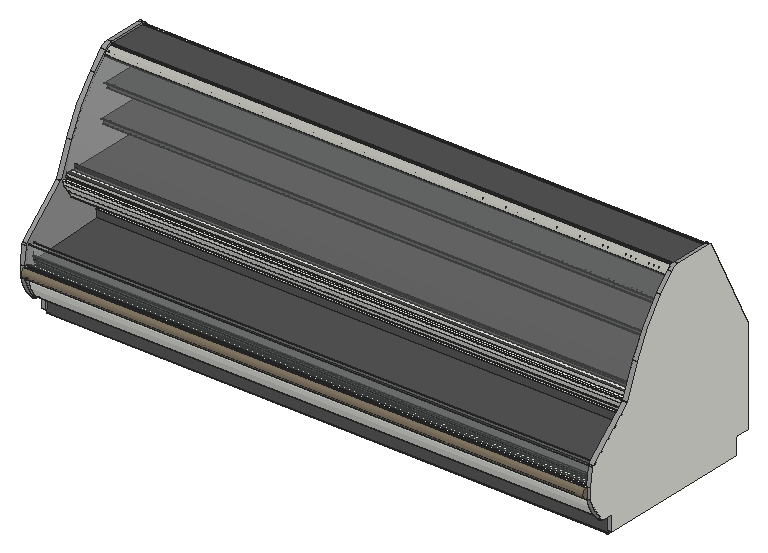
Revit family "CR3HV-ND_2014", category Specialty Equipment, Revit 2014 (continued)
Definition of nested family "Service Doors - 117.5deg - 72"
  Forms (in)
    Extrusion 2, solid, material "Plastic - 144 Mist Gray" <- "Door Frame"
      sketch origin (1.5, 13.26138, 42.9812) x (0, 0.461749, -0.887011) y (0, 0.887011, 0.461749)
        loop
          line (0, 0.25) -> (20.25, 0.25) -> (20.25, 1.0625) -> (0, 1.0625) -> (0, 0.25)
      from 0 to 35.25
    Extrusion 3, solid, material "Plastic - 144 Mist Gray" <- "Door Frame"
      sketch origin (70.5, 22.61179, 25.01923) x (0, -0.461749, 0.887011) y (0, 0.887011, 0.461749)
        loop
          line (20.25, 1.875) -> (0, 1.875) -> (0, 1.0625) -> (20.25, 1.0625) -> (20.25, 1.875)
      from 0 to 35.25
    Extrusion 4, void
      sketch origin (70.5, 12.91881, 47.69991) x (0, -0.461749, 0.887011) y (-1, 0, 0)
        loop
          line (-23.09373, 33.75) -> (-23.09373, 1.5) -> (-5.84373, 1.5) -> (-5.84373, 33.75) -> (-23.09373, 33.75)
      from 0 to 0.8125
    Extrusion 5, void
      sketch origin (1.5, 13.24571, 43.55272) x (0, -0.461749, 0.887011) y (1, 0, 0)
        loop
          line (-2.01418, 33.75) -> (-19.26418, 33.75) -> (-19.26418, 1.5) -> (-2.01418, 1.5) -> (-2.01418, 33.75)
      from 0 to 0.8125
    Extrusion 6, solid, material "Glass" <- "Glazing"
      sketch origin (36.75, 24.27493, 25.88501) x (0, -0.461749, 0.887011) y (0, -0.887011, -0.461749)
        loop
          line (1.5, 0.1875) -> (20.25, 0.1875) -> (20.25, 0.625) -> (1.5, 0.625) -> (1.5, 0.1875)
      from 0 to 32.25
    Extrusion 7, solid, material "Glass" <- "Glazing"
      sketch origin (35.25, 13.48313, 43.09664) x (0, 0.461749, -0.887011) y (0, -0.887011, -0.461749)
        loop
          line (1.5, -0.625) -> (20.25, -0.625) -> (20.25, -0.1875) -> (1.5, -0.1875) -> (1.5, -0.625)
      from 0 to 32.25
  Cuts and joins
    Extrusion 4 cuts Extrusion 3
    Extrusion 5 cuts Extrusion 2
  Lines and regions (in)
    sketch lines
      curve 1: line (72, 25.29918, 24.72713) -> (72, 14.56352, 45.35013)
      curve 2: line (0, 14.56352, 45.35013) -> (0, 25.29918, 24.72713)
      curve 3: line (72, 14.56352, 45.35013) -> (0, 14.56352, 45.35013)
      curve 4: line (72, 25.29918, 24.72713) -> (0, 25.29918, 24.72713)
  Dimensions and locks (in)
    Extrusion 2 to Extrusion 3 = 69"
    plane 3 "Center (Left/Right)" to Sweep 1 = 72"
    Sweep 1 to Sweep 1 = 1 1/2"
    locked: cut or joined group of Extrusion 3, Extrusion 4 to Extrusion 4 sketch curve at 1.5
    locked: Extrusion 5 sketch curve to cut or joined group of Extrusion 2, Extrusion 5 at 1.5
    Sweep 1 to Sweep 1 = 23 1/4"
    locked: cut or joined group of Extrusion 2, Extrusion 5 to Extrusion 5 sketch curve at 1.5  (x2)
    locked: Sweep 1 to Extrusion 5 sketch curve at 1.5
    locked: Extrusion 4 sketch curve to Sweep 1 at 1.5  (x3)
    Sweep 1 to Sweep 1 = 69"
    angle level to Sweep 1 = 117.50°
    aligned and locked: plane 2 to level
    aligned and locked: Extrusion 3 to Sweep 1  (x3)
    aligned and locked: Extrusion 2 to Sweep 1
    aligned and locked: Extrusion 6 to cut or joined group of Extrusion 3, Extrusion 4
    aligned and locked: cut or joined group of Extrusion 3, Extrusion 4 to Extrusion 6
    aligned and locked: cut or joined group of Extrusion 2, Extrusion 5 to Extrusion 7
    aligned and locked: plane 1 "Center (Front/Back)" to Sweep 1
    aligned and locked: Sweep 1 to Extrusion 2 sketch curve  (x2)
    aligned and locked: cut or joined group of Extrusion 2, Extrusion 5 to Extrusion 7 sketch curve
    aligned and locked: Extrusion 7 sketch curve to Sweep 1
    aligned and locked: Sweep 1 to Extrusion 3 sketch curve  (x2)
    aligned and locked: Extrusion 6 sketch curve to Sweep 1
    aligned and locked: Extrusion 6 sketch curve to cut or joined group of Extrusion 3, Extrusion 4
Definition of nested family "Sliding Doors"
  Parameters (values of type "Sliding Doors")
    Width = 144"
    Sliding Door = Plastic - 144 Mist Gray
    Height = 20 7/8"
  Reference planes (in)
    plane 1 "Back": y = 0
    plane 2: z = 0
    plane 3 "Left": x = 0
    plane 4: z = 20.875
    plane 5 "Right": x = 144
    plane 6 "Front": y = -1
    plane 7: x = 72
    plane 8: x = 71
    plane 9: x = 73
    plane 10: y = -0.5
  Forms (in)
    Extrusion 1, solid, material "Plastic - 144 Mist Gray" <- "Sliding Door"
      sketch origin (47, -24.3965, -7.37618) x (0, 1, 0) y (0, 0, 1)
        loop
          line (23.3965, 28.25118) -> (23.3965, 7.37618) -> (23.8965, 7.37618) -> (23.8965, 28.25118) -> (23.3965, 28.25118)
      from -47 to 26
    Extrusion 2, solid, material "Plastic - 144 Mist Gray" <- "Sliding Door"
      sketch origin (47, -24.3965, -7.37618) x (0, 1, 0) y (0, 0, 1)
        loop
          line (23.8965, 7.37618) -> (24.3965, 7.37618) -> (24.3965, 28.25118) -> (23.8965, 28.25118) -> (23.8965, 7.37618)
      from 24 to 97
    Extrusion 3, void
      sketch origin (25, -24.3965, -7.37618) x (1, 0, 0) y (0, 0, 1)
        loop
          circle (117, 17.81368) r 1
      from -24.3965 to -23.8965
    Extrusion 4, void
      sketch origin (47, -24.3965, -7.37618) x (1, 0, 0) y (0, 0, 1)
        loop
          circle (-45, 17.81368) r 1
      from -23.8965 to -23.3965
  Cuts and joins
    Extrusion 3 cuts Extrusion 2
    Extrusion 4 cuts Extrusion 1
  Dimensions and locks (in)
    "Height": plane 4 to level
    "Width": plane 5 "Right" to plane 3 "Left"
    equal spacing: plane 5 "Right", plane 7, plane 3 "Left"
    plane 9 to plane 7 to plane 8 = 1" locked, 1" locked
    equal spacing: plane 4, Extrusion 4 sketch curve, level
    equal spacing: plane 4, Extrusion 3 sketch curve, level
    locked: plane 5 "Right" to Extrusion 3 sketch curve at 2
    locked: Extrusion 4 sketch curve to plane 3 "Left" at 2
    plane 6 "Front" to plane 1 "Back" = 1"
    equal spacing: plane 6 "Front", plane 10, plane 1 "Back"
    aligned and locked: level to plane 2
    aligned and locked: plane 4 to Extrusion 1
    aligned and locked: Extrusion 2 to plane 4
    aligned and locked: plane 5 "Right" to Extrusion 2
    aligned and locked: Extrusion 1 to plane 3 "Left"
    aligned and locked: Extrusion 1 to level
    aligned and locked: Extrusion 2 to level
    aligned and locked: Extrusion 1 to plane 9
    aligned and locked: Extrusion 2 to plane 8
    aligned and locked: Extrusion 2 to plane 1 "Back"
    aligned and locked: Extrusion 3 to plane 1 "Back"
    aligned and locked: Extrusion 2 to Extrusion 3
    aligned and locked: Extrusion 1 to cut or joined group of Extrusion 2, Extrusion 3
    aligned and locked: plane 6 "Front" to Extrusion 4
    aligned and locked: Extrusion 1 to Extrusion 4
  Automatic sketch dimensions
    Extrusion 1 sketch curve to level = 0"
    Extrusion 1 sketch curve to plane 6 "Front" = 0"
    Extrusion 1 sketch curve to Extrusion 1 sketch curve = 1/2"
    Extrusion 1 sketch curve to plane 4 = 0"
    Extrusion 2 sketch curve to level = 0"
    Extrusion 2 sketch curve to plane 6 "Front" = 1/2"
    Extrusion 2 sketch curve to Extrusion 2 sketch curve = 1/2"
    Extrusion 2 sketch curve to plane 4 = 0"
    radius of Extrusion 3 sketch curve = 1"
    radius of Extrusion 4 sketch curve = 1"
Definition of nested family "Shelf Braket - 03"
  Parameters (values of type "Shelf Braket - 03")
    Shelf Bracket = Stainless Steel
    Front Depth [instance] = 6 7/16"
    Backet Location [instance] = Back Depth - 3/64"  # 3.20047"
    Back Depth [instance] = 3.24734"
  Reference planes (in)
    plane 1 "Center (Front/Back)": y = 0
    plane 2: z = 0
    plane 3 "Center (Left/Right)": x = 0
  Forms (in)
    Extrusion 1, solid, material "Stainless Steel" <- "Shelf Bracket"
      sketch origin (0, 3.24734, 0) x (0, 1, 0) y (0, 0, 1)
        loop
          line (0.81865, 0) -> (0, 1.57261) -> (-9.68484, 1.57261) -> (-9.68484, 0) -> (0.81865, 0)
      from 0.125 to -0.125
    Extrusion 2, solid, material "Stainless Steel" <- "Shelf Bracket"
      sketch origin (0, 3.24734, 0) x (0, 1, 0) y (0, 0, 1)
        loop
          line (-3.53234, 1.40249) -> (-3.5773, 1.40642) -> (-3.60214, 1.12249)
          arc (-3.60214, 1.12249) -> (-3.55213, 1.06547) -> (-3.49734, 1.11792) r 0.0525
          line (-3.49734, 1.11792) -> (-3.49734, 1.71543) -> (-2.99734, 1.71543)
          arc (-2.99734, 1.71543) -> (-2.97259, 1.72568) -> (-2.96234, 1.75043) r 0.035
          line (-2.96234, 1.75043) -> (-2.96234, 2.03168)
          arc (-2.96234, 2.03168) -> (-2.9737, 2.05748) -> (-3.00039, 2.06654) r 0.035
          line (-3.00039, 2.06654) -> (-3.49849, 2.02297) -> (-3.49544, 1.9881) -> (-2.99734, 2.03168) -> (-2.99734, 1.75043) -> (-3.49734, 1.75043)
          arc (-3.49734, 1.75043) -> (-3.52209, 1.74018) -> (-3.53234, 1.71543) r 0.035
          line (-3.53234, 1.71543) -> (-3.53234, 1.40249)
      from 0.125 to 0.25
    Extrusion 3, solid, material "Stainless Steel" <- "Shelf Bracket"
      sketch origin (0, 3.24734, 0) x (0, 1, 0) y (0, 0, 1)
        loop
          line (-2.99734, 1.09043) -> (-2.99734, 1.71543) -> (-3.49734, 1.71543) -> (-3.49734, 1.09043) -> (-2.99734, 1.09043)
      from 0.125 to 0.25
    Extrusion 4, solid, material "Stainless Steel" <- "Shelf Bracket"
      sketch origin (0, 3.24734, 0) x (0, 1, 0) y (0, 0, 1)
        loop
          line (-3.53234, 1.40249) -> (-3.5773, 1.40642) -> (-3.60214, 1.12249)
          arc (-3.60214, 1.12249) -> (-3.55213, 1.06547) -> (-3.49734, 1.11792) r 0.0525
          line (-3.49734, 1.11792) -> (-3.49734, 1.71543) -> (-2.99734, 1.71543)
          arc (-2.99734, 1.71543) -> (-2.97259, 1.72568) -> (-2.96234, 1.75043) r 0.035
          line (-2.96234, 1.75043) -> (-2.96234, 2.03168)
          arc (-2.96234, 2.03168) -> (-2.9737, 2.05748) -> (-3.00039, 2.06654) r 0.035
          line (-3.00039, 2.06654) -> (-3.49849, 2.02297) -> (-3.49544, 1.9881) -> (-2.99734, 2.03168) -> (-2.99734, 1.75043) -> (-3.49734, 1.75043)
          arc (-3.49734, 1.75043) -> (-3.52209, 1.74018) -> (-3.53234, 1.71543) r 0.035
          line (-3.53234, 1.71543) -> (-3.53234, 1.40249)
      from -0.25 to -0.125
    Extrusion 5, solid, material "Stainless Steel" <- "Shelf Bracket"
      sketch origin (0, 3.24734, 0) x (0, 1, 0) y (0, 0, 1)
        loop
          line (-2.99734, 1.09043) -> (-2.99734, 1.71543) -> (-3.49734, 1.71543) -> (-3.49734, 1.09043) -> (-2.99734, 1.09043)
      from -0.25 to -0.125
  Dimensions and locks (in)
    "Front Depth": Extrusion 1 sketch curve to plane 1 "Center (Front/Back)"
    "Back Depth": plane 1 "Center (Front/Back)" to Extrusion 1 sketch curve
    "Backet Location": plane 1 "Center (Front/Back)" to nested 1
    aligned and locked: plane 2 to level
    aligned and locked: level to nested 1
    aligned and locked: plane 3 "Center (Left/Right)" to nested 1
    aligned and locked: Extrusion 1 sketch curve to nested 1
  Automatic sketch dimensions
    level to Extrusion 2 sketch curve = 1.40642"
    plane 1 "Center (Front/Back)" to Extrusion 2 sketch curve = 0.32996"
    level to Extrusion 2 sketch curve = 1.12249"
    Extrusion 2 sketch curve to Extrusion 2 sketch curve = 0.02484"
    Extrusion 2 sketch curve to Extrusion 2 sketch curve = 0.27999"
    Extrusion 2 sketch curve to Extrusion 2 sketch curve = 0.31294"
    Extrusion 2 sketch curve to Extrusion 2 sketch curve = 0.0175"
    Extrusion 2 sketch curve to Extrusion 2 sketch curve = 0.28457"
    Extrusion 2 sketch curve to Extrusion 2 sketch curve = 0"  (x6)
    Extrusion 2 sketch curve to Extrusion 2 sketch curve = 1/2"
    Extrusion 2 sketch curve to Extrusion 2 sketch curve = 9/32"
    Extrusion 2 sketch curve to Extrusion 2 sketch curve = 0.00305"
    Extrusion 2 sketch curve to Extrusion 2 sketch curve = 0.00115"
    Extrusion 2 sketch curve to Extrusion 2 sketch curve = 0.27254"
    level to Extrusion 3 sketch curve = 1.09043"
    plane 1 "Center (Front/Back)" to Extrusion 3 sketch curve = 1/4"
    Extrusion 3 sketch curve to Extrusion 3 sketch curve = 1/2"
    Extrusion 3 sketch curve to Extrusion 3 sketch curve = 5/8"
    plane 1 "Center (Front/Back)" to Extrusion 4 sketch curve = 0.3548"
    level to Extrusion 4 sketch curve = 1.40642"
    Extrusion 4 sketch curve to Extrusion 4 sketch curve = 0.02484"
    Extrusion 4 sketch curve to Extrusion 4 sketch curve = 0.0523"
    level to Extrusion 4 sketch curve = 1.40249"
    Extrusion 4 sketch curve to Extrusion 4 sketch curve = 0.04496"
    Extrusion 4 sketch curve to Extrusion 4 sketch curve = 0.03385"
    Extrusion 4 sketch curve to Extrusion 4 sketch curve = 0.035"  (x2)
    Extrusion 4 sketch curve to Extrusion 4 sketch curve = 0"  (x4)
    level to Extrusion 4 sketch curve = 1.9881"
    Extrusion 4 sketch curve to Extrusion 4 sketch curve = 0.00305"  (x2)
    Extrusion 4 sketch curve to Extrusion 4 sketch curve = 0.4981"
    Extrusion 4 sketch curve to Extrusion 4 sketch curve = 0.27267"
    Extrusion 4 sketch curve to Extrusion 4 sketch curve = 0.03487"
    level to Extrusion 5 sketch curve = 1.09043"
    plane 1 "Center (Front/Back)" to Extrusion 5 sketch curve = 1/4"
    Extrusion 5 sketch curve to Extrusion 5 sketch curve = 1/2"
    Extrusion 5 sketch curve to Extrusion 5 sketch curve = 5/8"
    Extrusion 1 sketch curve to level = 0"
  Nested families (in)
    nested 1: "Post" at (0, 3.20047, 0), type "Post"
      with Front Depth 6 7/16", Back Depth 3.24734"
  Definition of nested family "Post"
    Parameters (values of type "Post")
      Shelf Bracket = Stainless Steel
      Front Depth [instance] = 6 7/16"
      Back Depth [instance] = 3.24734"
    Reference planes (in)
      plane 1 "Center (Front/Back)": y = 0
      plane 2 "Bottom": z = 0
      plane 3 "Center (Left/Right)": x = 0
    Forms (in)
      Extrusion 1, solid, material "Stainless Steel" <- "Shelf Bracket"
        sketch origin (0, 0.04085, 0) x (0, 1, 0) y (0, 0, 1)
          loop
            line (0.45437, 1.92046) -> (0.37363, 1.87843) -> (1.31885, 0.06267) -> (1.39959, 0.10471) -> (0.45437, 1.92046)
        from 0.25 to -0.25
      Extrusion 2, solid, material "Stainless Steel" <- "Shelf Bracket"
        sketch origin (0, 0.04085, 0) x (0, 1, 0) y (0, 0, 1)
          loop
            line (-0.04085, 1.66266) -> (0.90437, -0.15309) -> (1.31885, 0.06267) -> (0.37363, 1.87843) -> (-0.04085, 1.66266)
        from -0.25 to 0.25
    Dimensions and locks (in)
      aligned and locked: plane 2 "Bottom" to level
Definition of nested family "Light"
  Parameters (values of type "Light")
    Wattage = 16.1571 W
    built-in parameter 1150110 = 1 (stored number, unit not read)
    built-in parameter 1114217 = 1 (stored number, unit not read)
    built-in parameter 1150109 = 1 (stored number, unit not read)
    built-in parameter 1150134 = (empty or 0)
    built-in parameter 1150113 = 1 (stored number, unit not read)
    Lumens = 2400 lm
    built-in parameter 1150115 = 1 (stored number, unit not read)
    built-in parameter 1150105 = 763.94 (stored number, unit not read)
    Light Source Symbol Size = 24"
    built-in parameter 1150137 = (empty or 0)
    built-in parameter 1150139 = (empty or 0)
    Lense = none
    Length = 24"
    built-in parameter 1150112 = 1 (stored number, unit not read)
    built-in parameter 1150114 = 1 (stored number, unit not read)
    built-in parameter 1150132 = 2
    built-in parameter 1150102 = (empty or 0)
    built-in parameter 1150138 = (empty or 0)
    built-in parameter 1150107 = 6100 (stored number, unit not read)
    built-in parameter 1150106 = 7.6394 (stored number, unit not read)
    Emit from Line Length = Length  # 24"
    built-in parameter 1150104 = 13.8 (stored number, unit not read)
    Dimming Lamp Color Temperature Shift = (empty or 0)
    Color Filter = 16777215
    Casing = none
    built-in parameter 1114218 = 1 (stored number, unit not read)
    built-in parameter 1150133 = 10 (stored number, unit not read)
  Reference planes (in)
    plane 1 "Light Source Axis (F/B)": y = -8.60801
    plane 2: z = 0
    plane 3 "Light Source Axis (L/R)": x = 0
    plane 4 "Light Source Elevation": z = 52.5
    plane 5: z = 0
    plane 6 "Left": x = -12
    plane 7 "Right": x = 12
  Lines and regions (in)
    model lines
      curve 1: line (-12, -8.60801, 52.5) -> (12, -8.60801, 52.5)
  Dimensions and locks (in)
    equal spacing: plane 7 "Right", plane 3 "Light Source Axis (L/R)", plane 6 "Left"
    "Length": plane 7 "Right" to plane 6 "Left"
    aligned and locked: plane 3 "Light Source Axis (L/R)" to imposter light
    aligned and locked: plane 1 "Light Source Axis (F/B)" to imposter light
    aligned and locked: plane 4 "Light Source Elevation" to imposter light
    aligned and locked: level to plane 5
  Automatic sketch dimensions
    plane 1 "Light Source Axis (F/B)" to curve 1 = 0"
    curve 1 to plane 6 "Left" = 0"
    curve 1 to plane 7 "Right" = 0"
Types (6): name | Width | Upper Drain | Side Panel - Right | Side Panel - Left | Number of Supports | Lower Drain | 8 Case | 6 Case | 5 Case | 4 Case | 12 Case | 10 Case
  12'-0" Length | 144" | 77" | yes | yes | 4 | 65" | no | no | no | no | yes | no
  10'-0" Length | 120" | 56" | no | no | 3 | 53" | no | no | no | no | no | yes
  8'-0" Length | 96" | 56" | no | no | 3 | 53" | yes | no | no | no | no | no
  6'-0" Length | 72" | 44" | no | no | 3 | 41" | no | yes | no | no | no | no
  5'-0" Length | 60" | 44" | no | no | 2 | 41" | no | no | yes | no | no | no
  4'-0" Length | 48" | 32" | no | no | 2 | 7" | no | no | no | yes | no | no
